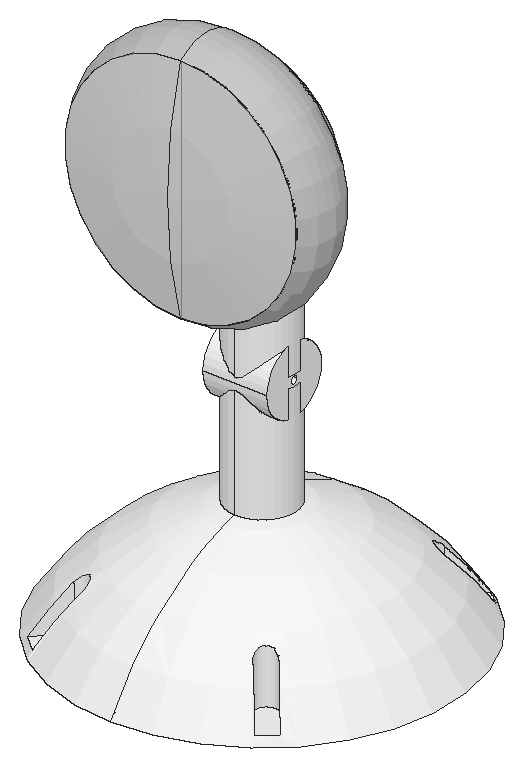
Revit family "CORS", category Lighting Fixtures, host Face, Revit 2021
Family settings
  Host = Face
  Round Connector Dimension = Use Diameter
  Part Type = Normal
  OmniClass Number = 23.80.70.11.11
  OmniClass Title = General Luminaries, Non Directional
  Cut with Voids When Loaded = No
  Light Source = Yes
  Shared = No
  Room Calculation Point = No
Parameters (values of type "CORS")
  Width = 4.50"
  Wattage Comments = "1W"
  Wattage = 1 W
  Warranty = "2 year full unit warranty"
  built-in parameter 1150110 = 1 (stored number, unit not read)
  URL = "www.currentlighting.com/compass"
  Type Comments = "Light Fixture"  # constant formula
  built-in parameter 1114217 = 1 (stored number, unit not read)
  Tilt Angle = 0.00°
  built-in parameter 1150109 = 1 (stored number, unit not read)
  built-in parameter 1150134 = 3
  built-in parameter 1150113 = 1 (stored number, unit not read)
  Steel = Metal-Galvanized_Steel
  Product Page URL = ""
  Product Doucumentation Link = ""
  Photometric Web File = "compass_led.ies"
  Photometric Note = "For more photometric file please find the above link"
  Model = "CORS"
  Manufacturer = "Compass Products"  # constant formula
  built-in parameter 1150105 = 205.77 (stored number, unit not read)
  Lumens = 10 lm
  built-in parameter 1150115 = 1 (stored number, unit not read)
  built-in parameter 1150137 = (empty or 0)
  built-in parameter 1150139 = (empty or 0)
  built-in parameter 1150112 = 1 (stored number, unit not read)
  built-in parameter 1150114 = 1 (stored number, unit not read)
  Lamp = "LED"
  built-in parameter 1150132 = (empty or 0)
  built-in parameter 1150102 = (empty or 0)
  built-in parameter 1150107 = 3200 (stored number, unit not read)
  built-in parameter 1150138 = (empty or 0)
  built-in parameter 1150106 = 2.0577 (stored number, unit not read)
  Height = 6.70"
  built-in parameter 1150104 = 0.92903 (stored number, unit not read)
  Dimming Lamp Color Temperature Shift = <None>
  Color Filter = 16777215
  Certification = "UL924"
  Glass = Glass -  White
  Features = "Single or double remote heads with base plate\r\nFully gasketed, waterproof construction\r\nLED life-cycle of more than 10 years\r\nQuick installation\r\nFully adjustable lamp-heads"  # constant formula
  Description = "The COR Series LED Outdoor Remote offers energy efficient LEDs in an attractive single or double-head remote. Lamp-heads are fully adjustable and gasketed for outdoor operation."
  Default Elevation = 48.00"
  Copyrights = "Compass Products"  # constant formula
  Contact Us = ""
  Body = Paint - Matte White
  built-in parameter 1114218 = 1 (stored number, unit not read)
  built-in parameter 1150133 = 10 (stored number, unit not read)
  Apparent Load = 1 VA
Reference planes (in)
  plane 1 "Center (Front/Back)": y = 0
  plane 2: z = 0
  plane 3 "Center (Left/Right)": x = 0
  plane 4: y = 2.25
  plane 5: y = -2.25
  plane 6: z = 6.7
  plane 7: y = 2.3
  plane 8: y = -2.3
  plane 9: z = 2.6
  plane 10: x = 2.25
  plane 11: x = -2.25
Forms (in)
  Revolve 1, solid, material "Paint - Matte White" <- "Body"
    sketch origin (0, -4.35647, 4.35661) x (0, 0, -1) y (0, 1, 0)
      loop
        line (4.35654, 4.35654) -> (2.87484, 4.35654)
        arc (2.87484, 4.35654) -> (3.36172, 3.06426) -> (4.35654, 2.10647) r 3.13555
        line (4.35654, 2.10647) -> (4.35654, 4.35654)
      axis (2.87484, 4.35654) -> (4.35654, 4.35654)
    angle from 0 to 360
  Revolve 2, solid, material "Metal-Galvanized_Steel" <- "Steel"
    sketch origin (0, 1.20628, 5.20628) x (0, 0, 1) y (0, -1, 0)
      loop
        arc (-1.37379, 2.40407) -> (-1.51046, 2.02907) -> (-1.37379, 1.65407) r 0.58282
        arc (-1.37379, 1.65407) -> (-0.75563, 1.12511) -> (0, 0.82354) r 2.49103
        line (0, 0.82354) -> (0, 2.40407) -> (-1.37379, 2.40407)
      axis (0, 2.40407) -> (0, 0.82354)
    angle from 0 to 360
  Revolve 3, solid, material "Glass -  White" <- "Glass"
    sketch origin (0, 1.20628, 5.20628) x (0, 0, 1) y (0, -1, 0)
      loop
        line (0, 2.40407) -> (0, 2.6)
        arc (0, 2.6) -> (-0.69581, 2.56058) -> (-1.37493, 2.40407) r 4.10653
        line (-1.37493, 2.40407) -> (0, 2.40407)
      axis (0, 2.6) -> (0, 2.40407)
    angle from 0 to 360
  Revolve 4, solid, material "Paint - Matte White" <- "Body"
    sketch origin (0, 0, 0) x (0, 1, 0) y (0, 0, 1)
      loop
        arc (-0.39452, 1.37492) -> (-0.19852, 1.43113) -> (0, 1.47769) r 4.17071
        line (0, 1.47769) -> (0, 2.39836)
        arc (0, 2.39836) -> (-0.25967, 2.48596) -> (-0.39452, 2.72453) r 0.38342
        line (-0.39452, 2.72453) -> (-0.39452, 1.37492)
      axis (0, 2.72453) -> (0, 1.37492)
    angle from 0 to 360
  Extrusion 5, solid, material "Paint - Matte White" <- "Body"
    sketch origin (0, 0, 0) x (0, 1, 0) y (0, 0, 1)
      loop
        circle (0, 2.79049) r 0.4
      loop
        circle (0, 2.79049) r 0.04727
    from -0.37955 to 0.38293
  Revolve 6, solid, material "Paint - Matte White" <- "Body"
    sketch origin (0, 0, 1.81533) x (0, 1, 0) y (0, 0, 1)
      loop
        arc (-0.39452, 1.04113) -> (-0.25847, 1.28044) -> (0, 1.37516) r 0.4
        line (0, 1.37516) -> (0, 3.4479) -> (-0.39452, 3.4479) -> (-0.39452, 1.04113)
      axis (0, 3.4479) -> (0, 1.04113)
    angle from 0 to 360
  Extrusion 7, void
    sketch origin (0, 0, 0) x (1, 0, 0) y (0, 1, 0)
      loop
        line (-1.53987, 1.64068) -> (-1.22063, 1.26023)
        arc (-1.22063, 1.26023) -> (-1.04453, 1.24482) -> (-1.02912, 1.42093) r 0.125
        line (-1.02912, 1.42093) -> (-1.34836, 1.80138)
        arc (-1.34836, 1.80138) -> (-1.44635, 1.72369) -> (-1.53987, 1.64068) r 2.25007
      loop
        arc (1.53987, 1.64068) -> (1.44635, 1.72369) -> (1.34836, 1.80138) r 2.25007
        line (1.34836, 1.80138) -> (1.02912, 1.42093)
        arc (1.02912, 1.42093) -> (1.04453, 1.24482) -> (1.22063, 1.26023) r 0.125
        line (1.22063, 1.26023) -> (1.53987, 1.64068)
      loop
        arc (-1.53987, -1.64068) -> (-1.44635, -1.72369) -> (-1.34836, -1.80138) r 2.25007
        line (-1.34836, -1.80138) -> (-1.02912, -1.42093)
        arc (-1.02912, -1.42093) -> (-1.04453, -1.24482) -> (-1.22063, -1.26023) r 0.125
        line (-1.22063, -1.26023) -> (-1.53987, -1.64068)
      loop
        line (1.53987, -1.64068) -> (1.22063, -1.26023)
        arc (1.22063, -1.26023) -> (1.04453, -1.24482) -> (1.02912, -1.42093) r 0.125
        line (1.02912, -1.42093) -> (1.34836, -1.80138)
        arc (1.34836, -1.80138) -> (1.44635, -1.72369) -> (1.53987, -1.64068) r 2.25007
    from 0.09155 to 0.89496
Cuts and joins
  Extrusion 7 cuts Revolve 1
Dimensions and locks (in)
  plane 6 to level = 6.70"
  plane 4 to plane 5 = 4.50"
  plane 5 to plane 4 = 4.50"
  "Height": plane 6 to plane 2
  "Width": plane 10 to plane 11
  aligned and locked: plane 2 to host face
  aligned and locked: level to host face
Automatic sketch dimensions
  host sketch curve to host sketch curve = 96.00"  (x2)
  Revolve 1 sketch curve to plane 5 = 0.00"
  Revolve 1 sketch curve to plane 1 "Center (Front/Back)" = 0.00007"  (x2)
  plane 9 to Revolve 1 sketch curve = 1.11823"
  level to Revolve 1 sketch curve = 0.00007"
  Revolve 1 sketch curve to plane 1 "Center (Front/Back)" = 0.43227"
  Revolve 1 sketch curve to Revolve 1 sketch curve = 0.00"
  Revolve 1 sketch curve to Revolve 1 sketch curve = 15.12608"
  Revolve 2 sketch curve to plane 5 = 1.05221"
  Revolve 2 sketch curve to plane 6 = 2.86751"
  Revolve 2 sketch curve to Revolve 2 sketch curve = 0.44616"
  Revolve 2 sketch curve to Revolve 2 sketch curve = 0.92763"
  Revolve 2 sketch curve to plane 5 = 0.19943"
  Revolve 2 sketch curve to plane 6 = 0.96059"
  Revolve 2 sketch curve to Revolve 2 sketch curve = 0.375"
  Revolve 2 sketch curve to plane 1 "Center (Front/Back)" = 0.38274"
  Revolve 2 sketch curve to plane 6 = 1.49372"
  Revolve 2 sketch curve to plane 4 = 1.70628"
  plane 5 to Revolve 2 sketch curve = 17.79372"
  Revolve 3 sketch curve to plane 6 = 2.86865"
  Revolve 3 sketch curve to plane 4 = 0.46116"
  Revolve 3 sketch curve to plane 6 = 1.6102"
  Revolve 3 sketch curve to Revolve 3 sketch curve = 1.37493"
  Revolve 3 sketch curve to plane 5 = 1.05221"
  Revolve 3 sketch curve to plane 6 = 1.49372"
  Revolve 3 sketch curve to Revolve 3 sketch curve = 1.24512"
  plane 5 to Revolve 3 sketch curve = 17.79372"
  Revolve 4 sketch curve to plane 1 "Center (Front/Back)" = 0.00"  (x2)
  plane 1 "Center (Front/Back)" to Revolve 4 sketch curve = 0.01536"
  Revolve 4 sketch curve to Revolve 4 sketch curve = 0.37917"
  Revolve 4 sketch curve to plane 1 "Center (Front/Back)" = 0.85282"
  Revolve 4 sketch curve to level = 2.6049"
  level to Revolve 4 sketch curve = 1.37492"
  Revolve 4 sketch curve to Revolve 4 sketch curve = 0.92067"
  Revolve 4 sketch curve to Revolve 4 sketch curve = 0.32618"
  Revolve 4 sketch curve to Revolve 4 sketch curve = 21.3951"
  Revolve 4 sketch curve to Revolve 4 sketch curve = 0.00"
  Extrusion 5 sketch curve to Extrusion 5 sketch curve = 0.00"  (x2)
  Extrusion 5 sketch curve to plane 1 "Center (Front/Back)" = 0.00"
  level to Extrusion 5 sketch curve = 2.79049"
  Revolve 6 sketch curve to plane 1 "Center (Front/Back)" = 0.00"  (x2)
  plane 1 "Center (Front/Back)" to Revolve 6 sketch curve = 0.39452"
  level to Revolve 6 sketch curve = 2.79049"
  Revolve 6 sketch curve to Revolve 6 sketch curve = 0.06596"
  Revolve 6 sketch curve to plane 6 = 1.43677"
  Revolve 6 sketch curve to level = 22.18467"
  plane 6 to Revolve 6 sketch curve = 87.39119"
  Extrusion 7 sketch curve to Extrusion 7 sketch curve = 0.00"  (x4)
  Extrusion 7 sketch curve to plane 3 "Center (Left/Right)" = 0.00"  (x2)
  Extrusion 7 sketch curve to plane 3 "Center (Left/Right)" = 1.02912"  (x2)
  Extrusion 7 sketch curve to Extrusion 7 sketch curve = 0.09576"  (x8)
  Extrusion 7 sketch curve to plane 5 = 0.44862"  (x2)
  Extrusion 7 sketch curve to Extrusion 7 sketch curve = 0.31924"  (x4)
  plane 4 to Extrusion 7 sketch curve = 0.44862"  (x2)
  Extrusion 7 sketch curve to plane 5 = 0.60932"  (x2)
  Extrusion 7 sketch curve to Extrusion 7 sketch curve = 0.19151"  (x2)
  plane 4 to Extrusion 7 sketch curve = 0.60932"  (x2)
  plane 3 "Center (Left/Right)" to Extrusion 7 sketch curve = 1.02912"  (x2)
  Extrusion 7 sketch curve to Extrusion 7 sketch curve = 0.38045"  (x4)
  Extrusion 7 sketch curve to Extrusion 7 sketch curve = 0.08035"  (x4)
  radius of Extrusion 5 sketch curve = 0.40"
  radius of Extrusion 5 sketch curve = 0.04727"
Connectors (in)
  electrical at (0, 0.00007, 0.00007)
    settings: on Revolve 1, index 1, voltage 120 V, apparent load 18 VA, apparent load phase1 0 VA, apparent load phase2 0 VA, apparent load phase3 0 VA, power factor 0.9, load classification "Other", number of poles 1, system type 30, power factor state 1, is connector primary yes, connector utility no, sub classification motor no, connector description "Lighting Connector"
